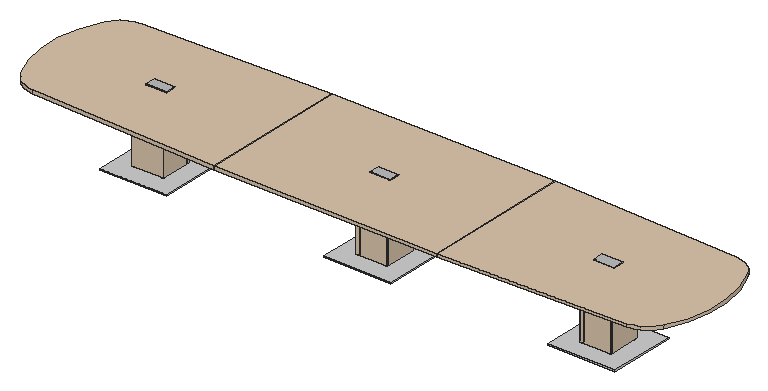
Revit family "Haworth_Planes_ColumnBaseConferenceTable_PebbleThreePiece", category Furniture Systems, Revit 2018 (continued)
Definition of nested family "Haworth_Planes_Worksurface_Pebble_3Piece_PART"
  Definition of nested family "Haworth_Planes_Worksurface_Pebble48_3Pieces_Part"
    Automatic sketch dimensions
      Extrusion 1 sketch curve to Extrusion 1 sketch curve = 64.60506"  (x2)
      Extrusion 1 sketch curve to Extrusion 1 sketch curve = 31.63804"  (x2)
      plane 1 "Center F/B" to Extrusion 1 sketch curve = 23.83768"
      Extrusion 1 sketch curve to Extrusion 1 sketch curve = 14.455"  (x2)
      Extrusion 1 sketch curve to Extrusion 1 sketch curve = 23.83768"  (x4)
      Extrusion 1 sketch curve to Extrusion 1 sketch curve = 18.76535"  (x2)
      Extrusion 1 sketch curve to Extrusion 1 sketch curve = 11.50474"
      Extrusion 1 sketch curve to plane 3 "Center L/R" = 79.15804"
      Extrusion 1 sketch curve to plane 3 "Center L/R" = 32.30253"  (x2)
      plane 1 "Center F/B" to Extrusion 1 sketch curve = 436.10167"
      Extrusion 1 sketch curve to Extrusion 1 sketch curve = 412.26399"
      Extrusion 2 sketch curve to Extrusion 2 sketch curve = 0"  (x10)
      Extrusion 2 sketch curve to Extrusion 2 sketch curve = 31.63778"  (x2)
      Extrusion 2 sketch curve to Extrusion 2 sketch curve = 18.68"  (x2)
      Extrusion 2 sketch curve to Extrusion 2 sketch curve = 63.68"
      Extrusion 2 sketch curve to Extrusion 2 sketch curve = 66.60461"  (x2)
      plane 1 "Center F/B" to Extrusion 2 sketch curve = 475.21822"
      plane 1 "Center F/B" to Extrusion 2 sketch curve = 23.83786"
      Extrusion 2 sketch curve to Extrusion 2 sketch curve = 14.45433"  (x2)
      Extrusion 2 sketch curve to Extrusion 2 sketch curve = 23.83786"  (x4)
      Extrusion 2 sketch curve to Extrusion 2 sketch curve = 18.76705"  (x2)
      Extrusion 2 sketch curve to Extrusion 2 sketch curve = 11.50465"
      Extrusion 2 sketch curve to plane 3 "Center L/R" = 82.15778"
      Extrusion 2 sketch curve to plane 3 "Center L/R" = 33.30231"  (x2)
      Extrusion 2 sketch curve to Extrusion 2 sketch curve = 451.38036"
      Extrusion 3 sketch curve to Extrusion 3 sketch curve = 0"  (x10)
      Extrusion 3 sketch curve to Extrusion 3 sketch curve = 31.63761"  (x2)
      Extrusion 3 sketch curve to Extrusion 3 sketch curve = 65.68"
      Extrusion 3 sketch curve to Extrusion 3 sketch curve = 68.60406"  (x2)
      Extrusion 3 sketch curve to Extrusion 3 sketch curve = 20.68"  (x2)
      plane 1 "Center F/B" to Extrusion 3 sketch curve = 515.93619"
      plane 1 "Center F/B" to Extrusion 3 sketch curve = 23.83802"
      Extrusion 3 sketch curve to Extrusion 3 sketch curve = 14.45391"  (x2)
      Extrusion 3 sketch curve to Extrusion 3 sketch curve = 23.83802"  (x4)
      Extrusion 3 sketch curve to Extrusion 3 sketch curve = 18.76822"  (x2)
      Extrusion 3 sketch curve to Extrusion 3 sketch curve = 11.50459"
      Extrusion 3 sketch curve to plane 3 "Center L/R" = 85.15761"
      Extrusion 3 sketch curve to plane 3 "Center L/R" = 34.30203"  (x2)
      Extrusion 3 sketch curve to Extrusion 3 sketch curve = 492.09816"
      Extrusion 4 sketch curve to Extrusion 4 sketch curve = 0"  (x9)
      Extrusion 4 sketch curve to Extrusion 4 sketch curve = 31.6375"  (x2)
      Extrusion 4 sketch curve to Extrusion 4 sketch curve = 67.68"
      Extrusion 4 sketch curve to Extrusion 4 sketch curve = 70.60342"  (x2)
      Extrusion 4 sketch curve to Extrusion 4 sketch curve = 22.68"  (x2)
      plane 1 "Center F/B" to Extrusion 4 sketch curve = 23.83817"
      Extrusion 4 sketch curve to Extrusion 4 sketch curve = 14.45369"  (x2)
      Extrusion 4 sketch curve to Extrusion 4 sketch curve = 23.83817"  (x4)
      Extrusion 4 sketch curve to Extrusion 4 sketch curve = 18.76896"  (x2)
      Extrusion 4 sketch curve to Extrusion 4 sketch curve = 11.50455"  (x2)
      Extrusion 4 sketch curve to plane 3 "Center L/R" = 88.1575"
      Extrusion 4 sketch curve to plane 3 "Center L/R" = 35.30171"  (x2)
      plane 1 "Center F/B" to Extrusion 4 sketch curve = 558.25556"
      Extrusion 4 sketch curve to Extrusion 4 sketch curve = 534.41739"
      Extrusion 5 sketch curve to Extrusion 5 sketch curve = 0"  (x9)
      Extrusion 5 sketch curve to Extrusion 5 sketch curve = 31.63744"  (x2)
      Extrusion 5 sketch curve to Extrusion 5 sketch curve = 69.68"
      Extrusion 5 sketch curve to Extrusion 5 sketch curve = 72.6027"  (x2)
      Extrusion 5 sketch curve to Extrusion 5 sketch curve = 24.68"  (x2)
      plane 1 "Center F/B" to Extrusion 5 sketch curve = 23.94796"
      Extrusion 5 sketch curve to Extrusion 5 sketch curve = 14.45362"  (x2)
      Extrusion 5 sketch curve to Extrusion 5 sketch curve = 9.38468"  (x2)
      Extrusion 5 sketch curve to Extrusion 5 sketch curve = 18.76935"  (x2)
      Extrusion 5 sketch curve to Extrusion 5 sketch curve = 23.8383"  (x2)
      Extrusion 5 sketch curve to Extrusion 5 sketch curve = 11.50453"  (x2)
      Extrusion 5 sketch curve to plane 3 "Center L/R" = 91.15744"
      Extrusion 5 sketch curve to plane 3 "Center L/R" = 36.30135"  (x2)
      plane 1 "Center F/B" to Extrusion 5 sketch curve = 602.28601"
      Extrusion 5 sketch curve to Extrusion 5 sketch curve = 578.33805"
      Extrusion 6 sketch curve to Extrusion 6 sketch curve = 0"  (x9)
      Extrusion 6 sketch curve to Extrusion 6 sketch curve = 31.63743"  (x2)
      Extrusion 6 sketch curve to Extrusion 6 sketch curve = 26.68"  (x2)
      Extrusion 6 sketch curve to Extrusion 6 sketch curve = 71.68"
      Extrusion 6 sketch curve to Extrusion 6 sketch curve = 74.6019"  (x2)
      plane 1 "Center F/B" to Extrusion 6 sketch curve = 23.83841"
      Extrusion 6 sketch curve to Extrusion 6 sketch curve = 14.45368"  (x2)
      Extrusion 6 sketch curve to Extrusion 6 sketch curve = 9.38473"  (x2)
      Extrusion 6 sketch curve to Extrusion 6 sketch curve = 18.76947"  (x2)
      Extrusion 6 sketch curve to Extrusion 6 sketch curve = 23.83841"  (x2)
      Extrusion 6 sketch curve to Extrusion 6 sketch curve = 11.50452"  (x2)
      Extrusion 6 sketch curve to plane 3 "Center L/R" = 94.15743"
      Extrusion 6 sketch curve to plane 3 "Center L/R" = 37.30095"  (x2)
      plane 1 "Center F/B" to Extrusion 6 sketch curve = 647.69854"
      Extrusion 6 sketch curve to Extrusion 6 sketch curve = 623.86013"
      Extrusion 7 sketch curve to Extrusion 7 sketch curve = 0"  (x9)
      Extrusion 7 sketch curve to Extrusion 7 sketch curve = 31.63744"  (x2)
      Extrusion 7 sketch curve to Extrusion 7 sketch curve = 28.68"  (x2)
      Extrusion 7 sketch curve to Extrusion 7 sketch curve = 73.68"
      Extrusion 7 sketch curve to Extrusion 7 sketch curve = 76.60105"  (x2)
      plane 1 "Center F/B" to Extrusion 7 sketch curve = 23.83852"
      Extrusion 7 sketch curve to Extrusion 7 sketch curve = 14.45384"  (x2)
      Extrusion 7 sketch curve to Extrusion 7 sketch curve = 9.38468"  (x2)
      Extrusion 7 sketch curve to Extrusion 7 sketch curve = 18.76936"  (x2)
      Extrusion 7 sketch curve to Extrusion 7 sketch curve = 23.83852"  (x2)
      Extrusion 7 sketch curve to Extrusion 7 sketch curve = 11.50452"  (x2)
      Extrusion 7 sketch curve to plane 3 "Center L/R" = 97.15744"
      Extrusion 7 sketch curve to plane 3 "Center L/R" = 38.30052"  (x2)
      plane 1 "Center F/B" to Extrusion 7 sketch curve = 694.82215"
      Extrusion 7 sketch curve to Extrusion 7 sketch curve = 670.98363"
      Extrusion 8 sketch curve to Extrusion 8 sketch curve = 0"  (x9)
      Extrusion 8 sketch curve to Extrusion 8 sketch curve = 31.63749"  (x2)
      Extrusion 8 sketch curve to Extrusion 8 sketch curve = 30.68"  (x2)
      Extrusion 8 sketch curve to Extrusion 8 sketch curve = 75.68"
      Extrusion 8 sketch curve to Extrusion 8 sketch curve = 78.60013"  (x2)
      plane 1 "Center F/B" to Extrusion 8 sketch curve = 23.83861"
      Extrusion 8 sketch curve to Extrusion 8 sketch curve = 14.45408"  (x2)
      Extrusion 8 sketch curve to Extrusion 8 sketch curve = 9.38454"  (x2)
      Extrusion 8 sketch curve to Extrusion 8 sketch curve = 18.76907"  (x2)
      Extrusion 8 sketch curve to Extrusion 8 sketch curve = 23.83861"  (x2)
      Extrusion 8 sketch curve to Extrusion 8 sketch curve = 11.50454"  (x2)
      Extrusion 8 sketch curve to plane 3 "Center L/R" = 100.15749"
      Extrusion 8 sketch curve to plane 3 "Center L/R" = 39.30006"  (x2)
      plane 1 "Center F/B" to Extrusion 8 sketch curve = 743.54717"
      Extrusion 8 sketch curve to Extrusion 8 sketch curve = 719.70856"
      Extrusion 9 sketch curve to Extrusion 9 sketch curve = 0"  (x10)
      Extrusion 9 sketch curve to Extrusion 9 sketch curve = 31.63755"  (x2)
      Extrusion 9 sketch curve to Extrusion 9 sketch curve = 32.68"  (x2)
      Extrusion 9 sketch curve to Extrusion 9 sketch curve = 77.68"
      Extrusion 9 sketch curve to Extrusion 9 sketch curve = 80.59916"  (x2)
      plane 1 "Center F/B" to Extrusion 9 sketch curve = 23.8387"
      Extrusion 9 sketch curve to Extrusion 9 sketch curve = 14.45438"  (x2)
      Extrusion 9 sketch curve to Extrusion 9 sketch curve = 9.38432"  (x2)
      Extrusion 9 sketch curve to Extrusion 9 sketch curve = 18.76864"  (x2)
      Extrusion 9 sketch curve to Extrusion 9 sketch curve = 23.8387"  (x2)
      Extrusion 9 sketch curve to Extrusion 9 sketch curve = 11.50456"
      Extrusion 9 sketch curve to plane 3 "Center L/R" = 103.15755"
      Extrusion 9 sketch curve to plane 3 "Center L/R" = 40.29958"  (x2)
      plane 1 "Center F/B" to Extrusion 9 sketch curve = 793.8736"
      Extrusion 9 sketch curve to Extrusion 9 sketch curve = 770.0349"
      Extrusion 10 sketch curve to Extrusion 10 sketch curve = 0"  (x9)
      Extrusion 10 sketch curve to Extrusion 10 sketch curve = 31.63763"  (x2)
      Extrusion 10 sketch curve to Extrusion 10 sketch curve = 79.68"
      Extrusion 10 sketch curve to Extrusion 10 sketch curve = 82.59814"  (x2)
      Extrusion 10 sketch curve to Extrusion 10 sketch curve = 34.68"  (x2)
      plane 1 "Center F/B" to Extrusion 10 sketch curve = 23.83878"
      Extrusion 10 sketch curve to Extrusion 10 sketch curve = 14.45474"  (x2)
      Extrusion 10 sketch curve to Extrusion 10 sketch curve = 9.38404"  (x2)
      Extrusion 10 sketch curve to Extrusion 10 sketch curve = 18.76808"  (x2)
      Extrusion 10 sketch curve to Extrusion 10 sketch curve = 23.83878"  (x2)
      Extrusion 10 sketch curve to Extrusion 10 sketch curve = 11.50459"  (x2)
      Extrusion 10 sketch curve to plane 3 "Center L/R" = 106.02758"
      Extrusion 10 sketch curve to plane 3 "Center L/R" = 41.16901"  (x2)
      plane 1 "Center F/B" to Extrusion 10 sketch curve = 845.80144"
      Extrusion 10 sketch curve to Extrusion 10 sketch curve = 821.96266"
      Extrusion 11 sketch curve to Extrusion 11 sketch curve = 0"  (x10)
      Extrusion 11 sketch curve to Extrusion 11 sketch curve = 31.63773"  (x2)
      Extrusion 11 sketch curve to Extrusion 11 sketch curve = 81.68"
      Extrusion 11 sketch curve to Extrusion 11 sketch curve = 84.59708"  (x2)
      Extrusion 11 sketch curve to Extrusion 11 sketch curve = 36.68"  (x2)
      plane 1 "Center F/B" to Extrusion 11 sketch curve = 23.83885"
      Extrusion 11 sketch curve to Extrusion 11 sketch curve = 14.45513"  (x2)
      Extrusion 11 sketch curve to Extrusion 11 sketch curve = 9.38372"  (x2)
      Extrusion 11 sketch curve to Extrusion 11 sketch curve = 18.76744"  (x2)
      Extrusion 11 sketch curve to Extrusion 11 sketch curve = 23.83885"  (x2)
      Extrusion 11 sketch curve to Extrusion 11 sketch curve = 11.50463"
      Extrusion 11 sketch curve to plane 3 "Center L/R" = 109.15773"
      Extrusion 11 sketch curve to plane 3 "Center L/R" = 42.29854"  (x2)
      plane 1 "Center F/B" to Extrusion 11 sketch curve = 899.33069"
      Extrusion 11 sketch curve to Extrusion 11 sketch curve = 875.49184"
      Extrusion 12 sketch curve to Extrusion 12 sketch curve = 0"  (x9)
      Extrusion 12 sketch curve to Extrusion 12 sketch curve = 31.63783"  (x2)
      Extrusion 12 sketch curve to Extrusion 12 sketch curve = 83.68"
      Extrusion 12 sketch curve to Extrusion 12 sketch curve = 86.59598"  (x2)
      Extrusion 12 sketch curve to Extrusion 12 sketch curve = 38.68"  (x2)
      plane 1 "Center F/B" to Extrusion 12 sketch curve = 23.83891"
      Extrusion 12 sketch curve to Extrusion 12 sketch curve = 14.45556"  (x2)
      Extrusion 12 sketch curve to Extrusion 12 sketch curve = 9.38336"  (x2)
      Extrusion 12 sketch curve to Extrusion 12 sketch curve = 18.76672"  (x2)
      Extrusion 12 sketch curve to Extrusion 12 sketch curve = 23.83891"  (x2)
      Extrusion 12 sketch curve to Extrusion 12 sketch curve = 11.50467"  (x2)
      Extrusion 12 sketch curve to plane 3 "Center L/R" = 112.15783"
      Extrusion 12 sketch curve to plane 3 "Center L/R" = 43.29799"  (x2)
      plane 1 "Center F/B" to Extrusion 12 sketch curve = 954.46135"
      Extrusion 12 sketch curve to Extrusion 12 sketch curve = 930.62244"
      Extrusion 13 sketch curve to Extrusion 13 sketch curve = 0"  (x10)
      Extrusion 13 sketch curve to Extrusion 13 sketch curve = 31.63795"  (x2)
      Extrusion 13 sketch curve to Extrusion 13 sketch curve = 40.68"  (x2)
      Extrusion 13 sketch curve to Extrusion 13 sketch curve = 85.68"
      Extrusion 13 sketch curve to Extrusion 13 sketch curve = 88.59484"  (x2)
      plane 1 "Center F/B" to Extrusion 13 sketch curve = 23.83897"
      Extrusion 13 sketch curve to Extrusion 13 sketch curve = 14.45601"  (x2)
      Extrusion 13 sketch curve to Extrusion 13 sketch curve = 9.38297"  (x2)
      Extrusion 13 sketch curve to Extrusion 13 sketch curve = 18.76594"  (x2)
      Extrusion 13 sketch curve to Extrusion 13 sketch curve = 23.83897"  (x2)
      Extrusion 13 sketch curve to Extrusion 13 sketch curve = 11.50471"
      Extrusion 13 sketch curve to plane 3 "Center L/R" = 115.15795"
      Extrusion 13 sketch curve to plane 3 "Center L/R" = 44.29742"  (x2)
      plane 1 "Center F/B" to Extrusion 13 sketch curve = 1011.19342"
      Extrusion 13 sketch curve to Extrusion 13 sketch curve = 987.35445"
      Extrusion 14 sketch curve to Extrusion 14 sketch curve = 0"  (x9)
      Extrusion 14 sketch curve to Extrusion 14 sketch curve = 31.63807"  (x2)
      Extrusion 14 sketch curve to Extrusion 14 sketch curve = 90.59366"  (x2)
      Extrusion 14 sketch curve to Extrusion 14 sketch curve = 42.68"  (x2)
      plane 1 "Center F/B" to Extrusion 14 sketch curve = 23.83903"
      Extrusion 14 sketch curve to Extrusion 14 sketch curve = 14.45647"  (x2)
      Extrusion 14 sketch curve to Extrusion 14 sketch curve = 9.38256"  (x2)
      Extrusion 14 sketch curve to Extrusion 14 sketch curve = 18.76511"  (x2)
      Extrusion 14 sketch curve to Extrusion 14 sketch curve = 47.67806"  (x2)
      Extrusion 14 sketch curve to Extrusion 14 sketch curve = 11.50475"  (x2)
      Extrusion 14 sketch curve to plane 3 "Center L/R" = 118.15807"
      Extrusion 14 sketch curve to plane 3 "Center L/R" = 45.29683"  (x2)
      Extrusion 14 sketch curve to Extrusion 14 sketch curve = 87.68"
      plane 1 "Center F/B" to Extrusion 14 sketch curve = 1069.52691"
      Extrusion 14 sketch curve to Extrusion 14 sketch curve = 1045.68788"
      Extrusion 15 sketch curve to plane 3 "Center L/R" = 121.1582"
      Extrusion 15 sketch curve to Extrusion 15 sketch curve = 0"  (x11)
      Extrusion 15 sketch curve to Extrusion 15 sketch curve = 31.6382"  (x2)
      Extrusion 15 sketch curve to plane 3 "Center L/R" = 46.29623"  (x2)
      Extrusion 15 sketch curve to Extrusion 15 sketch curve = 44.68"  (x2)
      Extrusion 15 sketch curve to Extrusion 15 sketch curve = 89.68"
      Extrusion 15 sketch curve to Extrusion 15 sketch curve = 92.59246"  (x2)
      plane 1 "Center F/B" to Extrusion 15 sketch curve = 1129.4618"
      plane 1 "Center F/B" to Extrusion 15 sketch curve = 23.83908"
      Extrusion 15 sketch curve to Extrusion 15 sketch curve = 14.45696"  (x2)
      Extrusion 15 sketch curve to Extrusion 15 sketch curve = 9.38213"  (x2)
      Extrusion 15 sketch curve to Extrusion 15 sketch curve = 18.76425"  (x2)
      Extrusion 15 sketch curve to Extrusion 15 sketch curve = 47.67816"  (x2)
      Extrusion 15 sketch curve to Extrusion 15 sketch curve = 1105.62272"
      plane 1 "Center F/B" to Extrusion 16 sketch curve = 23.83768"
      Extrusion 16 sketch curve to plane 3 "Center L/R" = 30.84"
      Extrusion 16 sketch curve to Extrusion 16 sketch curve = 61.68"
      Extrusion 16 sketch curve to Extrusion 16 sketch curve = 47.67535"
      plane 1 "Center F/B" to Extrusion 17 sketch curve = 23.83786"
      Extrusion 17 sketch curve to plane 3 "Center L/R" = 31.84"
      Extrusion 17 sketch curve to Extrusion 17 sketch curve = 63.68"
      Extrusion 17 sketch curve to Extrusion 17 sketch curve = 47.67572"
      Extrusion 18 sketch curve to plane 3 "Center L/R" = 32.84"
      Extrusion 18 sketch curve to Extrusion 18 sketch curve = 65.68"
      plane 1 "Center F/B" to Extrusion 18 sketch curve = 23.83802"
      Extrusion 18 sketch curve to Extrusion 18 sketch curve = 47.67604"
      Extrusion 19 sketch curve to plane 3 "Center L/R" = 33.84"
      Extrusion 19 sketch curve to Extrusion 19 sketch curve = 67.68"
      plane 1 "Center F/B" to Extrusion 19 sketch curve = 23.83817"
      Extrusion 19 sketch curve to Extrusion 19 sketch curve = 47.67633"
      Extrusion 20 sketch curve to plane 3 "Center L/R" = 34.84"
      Extrusion 20 sketch curve to Extrusion 20 sketch curve = 69.68"
      plane 1 "Center F/B" to Extrusion 20 sketch curve = 23.94796"
      Extrusion 20 sketch curve to Extrusion 20 sketch curve = 47.67659"
      Extrusion 21 sketch curve to plane 3 "Center L/R" = 35.84"
      Extrusion 21 sketch curve to Extrusion 21 sketch curve = 71.68"
      plane 1 "Center F/B" to Extrusion 21 sketch curve = 23.83841"
      Extrusion 21 sketch curve to Extrusion 21 sketch curve = 47.67682"
      Extrusion 22 sketch curve to plane 3 "Center L/R" = 36.84"
      Extrusion 22 sketch curve to Extrusion 22 sketch curve = 73.68"
      plane 1 "Center F/B" to Extrusion 22 sketch curve = 23.83852"
      Extrusion 22 sketch curve to Extrusion 22 sketch curve = 47.67703"
      Extrusion 23 sketch curve to plane 3 "Center L/R" = 37.84"
      Extrusion 23 sketch curve to Extrusion 23 sketch curve = 75.68"
      plane 1 "Center F/B" to Extrusion 23 sketch curve = 23.83861"
      Extrusion 23 sketch curve to Extrusion 23 sketch curve = 47.67722"
      Extrusion 24 sketch curve to plane 3 "Center L/R" = 38.84"
      Extrusion 24 sketch curve to Extrusion 24 sketch curve = 77.68"
      plane 1 "Center F/B" to Extrusion 24 sketch curve = 23.8387"
      Extrusion 24 sketch curve to Extrusion 24 sketch curve = 47.6774"
      Extrusion 25 sketch curve to plane 3 "Center L/R" = 39.70994"
      Extrusion 25 sketch curve to Extrusion 25 sketch curve = 79.68"
      plane 1 "Center F/B" to Extrusion 25 sketch curve = 23.83878"
      Extrusion 25 sketch curve to Extrusion 25 sketch curve = 47.67755"
      Extrusion 26 sketch curve to plane 3 "Center L/R" = 41.84"
      Extrusion 26 sketch curve to Extrusion 26 sketch curve = 83.68"
      plane 1 "Center F/B" to Extrusion 26 sketch curve = 23.83891"
      Extrusion 26 sketch curve to Extrusion 26 sketch curve = 47.67783"
      Extrusion 27 sketch curve to plane 3 "Center L/R" = 40.84"
      Extrusion 27 sketch curve to Extrusion 27 sketch curve = 81.68"
      plane 1 "Center F/B" to Extrusion 27 sketch curve = 23.83885"
      Extrusion 27 sketch curve to Extrusion 27 sketch curve = 47.6777"
      Extrusion 28 sketch curve to plane 3 "Center L/R" = 42.84"
      Extrusion 28 sketch curve to Extrusion 28 sketch curve = 85.68"
      plane 1 "Center F/B" to Extrusion 28 sketch curve = 23.83897"
      Extrusion 28 sketch curve to Extrusion 28 sketch curve = 47.67795"
      Extrusion 29 sketch curve to plane 3 "Center L/R" = 43.84"
      Extrusion 29 sketch curve to Extrusion 29 sketch curve = 87.68"
      plane 1 "Center F/B" to Extrusion 29 sketch curve = 23.83903"
      Extrusion 29 sketch curve to Extrusion 29 sketch curve = 47.67806"
      Extrusion 30 sketch curve to plane 3 "Center L/R" = 44.84"
      Extrusion 30 sketch curve to Extrusion 30 sketch curve = 89.68"
      plane 1 "Center F/B" to Extrusion 30 sketch curve = 23.83908"
      Extrusion 30 sketch curve to Extrusion 30 sketch curve = 47.67816"
      Masking region 1 sketch curve to plane 1 "Center F/B" = 9.38473"
      Masking region 1 sketch curve to plane 3 "Center L/R" = 79.15743"
      Masking region 1 sketch curve to Masking region 1 sketch curve = 0"  (x7)
      Masking region 1 sketch curve to Masking region 1 sketch curve = 31.63743"  (x2)
      Masking region 1 sketch curve to Masking region 1 sketch curve = 15.18"  (x3)
      Masking region 1 sketch curve to plane 3 "Center L/R" = 32.30253"  (x2)
      Masking region 1 sketch curve to Masking region 1 sketch curve = 64.60506"  (x2)
      Masking region 1 sketch curve to Masking region 1 sketch curve = 64.68"
      Masking region 1 sketch curve to Masking region 1 sketch curve = 9.38473"  (x2)
      Masking region 1 sketch curve to plane 1 "Center F/B" = 0"
      Masking region 1 sketch curve to Masking region 1 sketch curve = 18.76947"  (x2)
      Masking region 1 sketch curve to Masking region 1 sketch curve = 23.84"  (x2)
      plane 1 "Center F/B" to Masking region 1 sketch curve = 436.10167"
      Masking region 1 sketch curve to Masking region 1 sketch curve = 412.26167"
      Masking region 1 sketch curve to Masking region 1 sketch curve = 1.03519"  (x4)
      Masking region 2 sketch curve to plane 1 "Center F/B" = 9.38473"  (x2)
      Masking region 2 sketch curve to plane 3 "Center L/R" = 82.15743"
      Masking region 2 sketch curve to Masking region 2 sketch curve = 0"  (x7)
      Masking region 2 sketch curve to Masking region 2 sketch curve = 31.63743"  (x2)
      Masking region 2 sketch curve to Masking region 2 sketch curve = 17.18"  (x3)
      Masking region 2 sketch curve to plane 3 "Center L/R" = 33.30231"  (x2)
      Masking region 2 sketch curve to Masking region 2 sketch curve = 66.60461"  (x2)
      Masking region 2 sketch curve to Masking region 2 sketch curve = 66.68"
      Masking region 2 sketch curve to Masking region 2 sketch curve = 9.38473"  (x2)
      Masking region 2 sketch curve to Masking region 2 sketch curve = 18.76947"  (x2)
      Masking region 2 sketch curve to Masking region 2 sketch curve = 23.84"  (x2)
      plane 1 "Center F/B" to Masking region 2 sketch curve = 475.21822"
      Masking region 2 sketch curve to Masking region 2 sketch curve = 451.37822"
      Masking region 2 sketch curve to Masking region 2 sketch curve = 1.03519"  (x4)
      Masking region 3 sketch curve to plane 3 "Center L/R" = 85.15743"
      Masking region 3 sketch curve to Masking region 3 sketch curve = 0"  (x7)
      Masking region 3 sketch curve to Masking region 3 sketch curve = 31.63743"  (x2)
      Masking region 3 sketch curve to Masking region 3 sketch curve = 19.18"  (x3)
      Masking region 3 sketch curve to plane 3 "Center L/R" = 34.30203"  (x2)
      Masking region 3 sketch curve to Masking region 3 sketch curve = 68.60406"  (x2)
      Masking region 3 sketch curve to Masking region 3 sketch curve = 68.68"
      plane 1 "Center F/B" to Masking region 3 sketch curve = 515.93619"
      plane 1 "Center F/B" to Masking region 3 sketch curve = 23.84"
      Masking region 3 sketch curve to Masking region 3 sketch curve = 14.45527"  (x2)
      Masking region 3 sketch curve to Masking region 3 sketch curve = 23.84"  (x3)
      Masking region 3 sketch curve to Masking region 3 sketch curve = 18.76947"  (x2)
      Masking region 3 sketch curve to Masking region 3 sketch curve = 492.09619"
      Masking region 3 sketch curve to Masking region 3 sketch curve = 1.03519"  (x4)
      Masking region 4 sketch curve to plane 3 "Center L/R" = 88.15743"
      Masking region 4 sketch curve to Masking region 4 sketch curve = 0"  (x7)
      Masking region 4 sketch curve to Masking region 4 sketch curve = 31.63743"  (x2)
      Masking region 4 sketch curve to Masking region 4 sketch curve = 21.18"  (x3)
      Masking region 4 sketch curve to plane 3 "Center L/R" = 35.30171"  (x2)
      Masking region 4 sketch curve to Masking region 4 sketch curve = 70.60342"  (x2)
      Masking region 4 sketch curve to Masking region 4 sketch curve = 70.68"
      plane 1 "Center F/B" to Masking region 4 sketch curve = 558.25556"
      plane 1 "Center F/B" to Masking region 4 sketch curve = 23.84"
      Masking region 4 sketch curve to Masking region 4 sketch curve = 14.45527"  (x2)
      Masking region 4 sketch curve to Masking region 4 sketch curve = 23.84"  (x3)
      Masking region 4 sketch curve to Masking region 4 sketch curve = 18.76947"  (x2)
      Masking region 4 sketch curve to Masking region 4 sketch curve = 534.41556"
      Masking region 4 sketch curve to Masking region 4 sketch curve = 1.03519"  (x4)
      Masking region 5 sketch curve to plane 3 "Center L/R" = 91.15743"
      Masking region 5 sketch curve to Masking region 5 sketch curve = 0"  (x7)
      Masking region 5 sketch curve to Masking region 5 sketch curve = 31.63743"  (x2)
      Masking region 5 sketch curve to Masking region 5 sketch curve = 23.18"  (x3)
      Masking region 5 sketch curve to plane 3 "Center L/R" = 36.30135"  (x2)
      Masking region 5 sketch curve to Masking region 5 sketch curve = 72.6027"  (x2)
      Masking region 5 sketch curve to Masking region 5 sketch curve = 72.68"
      plane 1 "Center F/B" to Masking region 5 sketch curve = 602.28601"
      plane 1 "Center F/B" to Masking region 5 sketch curve = 23.94967"
      Masking region 5 sketch curve to Masking region 5 sketch curve = 14.45527"  (x2)
      Masking region 5 sketch curve to Masking region 5 sketch curve = 9.38473"  (x2)
      Masking region 5 sketch curve to Masking region 5 sketch curve = 18.76947"  (x2)
      Masking region 5 sketch curve to Masking region 5 sketch curve = 23.84"
      Masking region 5 sketch curve to Masking region 5 sketch curve = 578.33635"
      Masking region 5 sketch curve to Masking region 5 sketch curve = 1.03519"  (x4)
      Masking region 6 sketch curve to plane 3 "Center L/R" = 94.15743"
      Masking region 6 sketch curve to Masking region 6 sketch curve = 0"  (x11)
      Masking region 6 sketch curve to Masking region 6 sketch curve = 31.63743"  (x2)
      Masking region 6 sketch curve to Masking region 6 sketch curve = 25.18"  (x3)
      Masking region 6 sketch curve to plane 3 "Center L/R" = 37.30095"  (x2)
      Masking region 6 sketch curve to Masking region 6 sketch curve = 74.6019"  (x2)
      Masking region 6 sketch curve to Masking region 6 sketch curve = 74.68"
      plane 1 "Center F/B" to Masking region 6 sketch curve = 647.69854"
      plane 1 "Center F/B" to Masking region 6 sketch curve = 23.84"
      Masking region 6 sketch curve to Masking region 6 sketch curve = 14.45527"  (x2)
      Masking region 6 sketch curve to Masking region 6 sketch curve = 9.38473"  (x2)
      Masking region 6 sketch curve to Masking region 6 sketch curve = 18.76947"  (x2)
      Masking region 6 sketch curve to Masking region 6 sketch curve = 23.84"
      Masking region 6 sketch curve to Masking region 6 sketch curve = 623.85854"
      Masking region 7 sketch curve to plane 3 "Center L/R" = 97.15743"
      Masking region 7 sketch curve to Masking region 7 sketch curve = 0"  (x7)
      Masking region 7 sketch curve to Masking region 7 sketch curve = 31.63743"  (x2)
      Masking region 7 sketch curve to Masking region 7 sketch curve = 27.18"  (x3)
      Masking region 7 sketch curve to plane 3 "Center L/R" = 38.30052"  (x2)
      Masking region 7 sketch curve to Masking region 7 sketch curve = 76.60105"  (x2)
      Masking region 7 sketch curve to Masking region 7 sketch curve = 76.68"
      plane 1 "Center F/B" to Masking region 7 sketch curve = 694.82215"
      plane 1 "Center F/B" to Masking region 7 sketch curve = 23.84"
      Masking region 7 sketch curve to Masking region 7 sketch curve = 14.45527"  (x2)
      Masking region 7 sketch curve to Masking region 7 sketch curve = 9.38473"  (x2)
      Masking region 7 sketch curve to Masking region 7 sketch curve = 18.76947"  (x2)
      Masking region 7 sketch curve to Masking region 7 sketch curve = 23.84"
      Masking region 7 sketch curve to Masking region 7 sketch curve = 670.98215"
      Masking region 7 sketch curve to Masking region 7 sketch curve = 1.03519"  (x4)
      Masking region 8 sketch curve to plane 3 "Center L/R" = 100.15743"
      Masking region 8 sketch curve to Masking region 8 sketch curve = 0"  (x7)
      Masking region 8 sketch curve to Masking region 8 sketch curve = 31.63743"  (x2)
      Masking region 8 sketch curve to Masking region 8 sketch curve = 29.18"  (x3)
      Masking region 8 sketch curve to plane 3 "Center L/R" = 39.30006"  (x2)
      Masking region 8 sketch curve to Masking region 8 sketch curve = 78.60013"  (x2)
      Masking region 8 sketch curve to Masking region 8 sketch curve = 78.68"
      plane 1 "Center F/B" to Masking region 8 sketch curve = 743.54717"
      plane 1 "Center F/B" to Masking region 8 sketch curve = 23.84"
      Masking region 8 sketch curve to Masking region 8 sketch curve = 14.45527"  (x2)
      Masking region 8 sketch curve to Masking region 8 sketch curve = 9.38473"  (x2)
      Masking region 8 sketch curve to Masking region 8 sketch curve = 18.76947"  (x2)
      Masking region 8 sketch curve to Masking region 8 sketch curve = 23.84"
      Masking region 8 sketch curve to Masking region 8 sketch curve = 719.70717"
      Masking region 8 sketch curve to Masking region 8 sketch curve = 1.03519"  (x4)
      Masking region 9 sketch curve to plane 3 "Center L/R" = 103.15743"
      Masking region 9 sketch curve to Masking region 9 sketch curve = 0"  (x7)
      Masking region 9 sketch curve to Masking region 9 sketch curve = 31.63743"  (x2)
      Masking region 9 sketch curve to Masking region 9 sketch curve = 31.18"  (x3)
      Masking region 9 sketch curve to plane 3 "Center L/R" = 40.29958"  (x2)
      Masking region 9 sketch curve to Masking region 9 sketch curve = 80.59916"  (x2)
      Masking region 9 sketch curve to Masking region 9 sketch curve = 80.68"
      plane 1 "Center F/B" to Masking region 9 sketch curve = 793.8736"
      plane 1 "Center F/B" to Masking region 9 sketch curve = 23.84"
      Masking region 9 sketch curve to Masking region 9 sketch curve = 14.45527"  (x2)
      Masking region 9 sketch curve to Masking region 9 sketch curve = 9.38473"  (x2)
      Masking region 9 sketch curve to Masking region 9 sketch curve = 18.76947"  (x2)
      Masking region 9 sketch curve to Masking region 9 sketch curve = 23.84"
      Masking region 9 sketch curve to Masking region 9 sketch curve = 770.0336"
      Masking region 9 sketch curve to Masking region 9 sketch curve = 1.03519"  (x4)
      Masking region 10 sketch curve to plane 3 "Center L/R" = 106.02737"
      Masking region 10 sketch curve to Masking region 10 sketch curve = 0"  (x7)
      Masking region 10 sketch curve to Masking region 10 sketch curve = 31.63743"  (x2)
      Masking region 10 sketch curve to Masking region 10 sketch curve = 33.18"  (x3)
      Masking region 10 sketch curve to plane 3 "Center L/R" = 41.16901"  (x2)
      Masking region 10 sketch curve to Masking region 10 sketch curve = 82.59814"  (x2)
      Masking region 10 sketch curve to Masking region 10 sketch curve = 82.68"
      plane 1 "Center F/B" to Masking region 10 sketch curve = 845.80144"
      plane 1 "Center F/B" to Masking region 10 sketch curve = 23.84"
      Masking region 10 sketch curve to Masking region 10 sketch curve = 14.45527"  (x2)
      Masking region 10 sketch curve to Masking region 10 sketch curve = 9.38473"  (x2)
      Masking region 10 sketch curve to Masking region 10 sketch curve = 18.76947"  (x2)
      Masking region 10 sketch curve to Masking region 10 sketch curve = 23.84"
      Masking region 10 sketch curve to Masking region 10 sketch curve = 821.96144"
      Masking region 10 sketch curve to Masking region 10 sketch curve = 1.03519"  (x4)
      Masking region 11 sketch curve to plane 3 "Center L/R" = 109.15743"
      Masking region 11 sketch curve to Masking region 11 sketch curve = 0"  (x7)
      Masking region 11 sketch curve to Masking region 11 sketch curve = 31.63743"  (x2)
      Masking region 11 sketch curve to Masking region 11 sketch curve = 35.18"  (x3)
      Masking region 11 sketch curve to plane 3 "Center L/R" = 42.29854"  (x2)
      Masking region 11 sketch curve to Masking region 11 sketch curve = 84.59708"  (x2)
      Masking region 11 sketch curve to Masking region 11 sketch curve = 84.68"
      plane 1 "Center F/B" to Masking region 11 sketch curve = 899.33069"
      plane 1 "Center F/B" to Masking region 11 sketch curve = 23.84"
      Masking region 11 sketch curve to Masking region 11 sketch curve = 14.45527"  (x2)
      Masking region 11 sketch curve to Masking region 11 sketch curve = 9.38473"  (x2)
      Masking region 11 sketch curve to Masking region 11 sketch curve = 18.76947"  (x2)
      Masking region 11 sketch curve to Masking region 11 sketch curve = 23.84"
      Masking region 11 sketch curve to Masking region 11 sketch curve = 875.49069"
      Masking region 11 sketch curve to Masking region 11 sketch curve = 1.03519"  (x4)
      Masking region 12 sketch curve to plane 3 "Center L/R" = 112.15743"
      Masking region 12 sketch curve to Masking region 12 sketch curve = 0"  (x7)
      Masking region 12 sketch curve to Masking region 12 sketch curve = 31.63743"  (x2)
      Masking region 12 sketch curve to Masking region 12 sketch curve = 37.18"  (x3)
      Masking region 12 sketch curve to plane 3 "Center L/R" = 43.29799"  (x2)
      Masking region 12 sketch curve to Masking region 12 sketch curve = 86.59598"  (x2)
      Masking region 12 sketch curve to Masking region 12 sketch curve = 86.68"
      plane 1 "Center F/B" to Masking region 12 sketch curve = 954.46135"
      plane 1 "Center F/B" to Masking region 12 sketch curve = 23.84"
      Masking region 12 sketch curve to Masking region 12 sketch curve = 14.45527"  (x2)
      Masking region 12 sketch curve to Masking region 12 sketch curve = 9.38473"  (x2)
      Masking region 12 sketch curve to Masking region 12 sketch curve = 18.76947"  (x2)
      Masking region 12 sketch curve to Masking region 12 sketch curve = 23.84"
      Masking region 12 sketch curve to Masking region 12 sketch curve = 930.62135"
      Masking region 12 sketch curve to Masking region 12 sketch curve = 1.03519"  (x4)
      Masking region 13 sketch curve to plane 3 "Center L/R" = 115.15743"
      Masking region 13 sketch curve to Masking region 13 sketch curve = 0"  (x7)
      Masking region 13 sketch curve to Masking region 13 sketch curve = 31.63743"  (x2)
      Masking region 13 sketch curve to Masking region 13 sketch curve = 39.18"  (x3)
      Masking region 13 sketch curve to plane 3 "Center L/R" = 44.29742"  (x2)
      Masking region 13 sketch curve to Masking region 13 sketch curve = 88.59484"  (x2)
      Masking region 13 sketch curve to Masking region 13 sketch curve = 88.68"
      plane 1 "Center F/B" to Masking region 13 sketch curve = 1011.19342"
      plane 1 "Center F/B" to Masking region 13 sketch curve = 23.84"
      Masking region 13 sketch curve to Masking region 13 sketch curve = 14.45527"  (x2)
      Masking region 13 sketch curve to Masking region 13 sketch curve = 9.38473"  (x2)
      Masking region 13 sketch curve to Masking region 13 sketch curve = 18.76947"  (x2)
      Masking region 13 sketch curve to Masking region 13 sketch curve = 23.84"
      Masking region 13 sketch curve to Masking region 13 sketch curve = 987.35342"
      Masking region 13 sketch curve to Masking region 13 sketch curve = 1.03519"  (x4)
      Masking region 14 sketch curve to plane 3 "Center L/R" = 118.15743"
      Masking region 14 sketch curve to Masking region 14 sketch curve = 0"  (x7)
      Masking region 14 sketch curve to Masking region 14 sketch curve = 31.63743"  (x2)
      Masking region 14 sketch curve to Masking region 14 sketch curve = 41.18"  (x3)
      Masking region 14 sketch curve to plane 3 "Center L/R" = 45.29683"  (x2)
      Masking region 14 sketch curve to Masking region 14 sketch curve = 90.59366"  (x2)
      Masking region 14 sketch curve to Masking region 14 sketch curve = 90.68001"
      plane 1 "Center F/B" to Masking region 14 sketch curve = 1069.52691"
      plane 1 "Center F/B" to Masking region 14 sketch curve = 23.84"
      Masking region 14 sketch curve to Masking region 14 sketch curve = 14.45527"  (x2)
      Masking region 14 sketch curve to Masking region 14 sketch curve = 9.38473"  (x2)
      Masking region 14 sketch curve to Masking region 14 sketch curve = 18.76947"  (x2)
      Masking region 14 sketch curve to Masking region 14 sketch curve = 23.84"
      Masking region 14 sketch curve to Masking region 14 sketch curve = 1045.68691"
      Masking region 14 sketch curve to Masking region 14 sketch curve = 1.03519"  (x4)
      Masking region 15 sketch curve to plane 3 "Center L/R" = 121.15743"
      Masking region 15 sketch curve to Masking region 15 sketch curve = 0"  (x8)
      Masking region 15 sketch curve to Masking region 15 sketch curve = 31.63743"  (x2)
      Masking region 15 sketch curve to Masking region 15 sketch curve = 43.18"  (x2)
      Masking region 15 sketch curve to plane 3 "Center L/R" = 46.29623"  (x2)
      Masking region 15 sketch curve to Masking region 15 sketch curve = 92.59246"  (x2)
      Masking region 15 sketch curve to Masking region 15 sketch curve = 92.68001"
      plane 1 "Center F/B" to Masking region 15 sketch curve = 1129.4618"
      plane 1 "Center F/B" to Masking region 15 sketch curve = 23.84"
      Masking region 15 sketch curve to Masking region 15 sketch curve = 14.45527"  (x2)
      Masking region 15 sketch curve to Masking region 15 sketch curve = 9.38473"  (x2)
      Masking region 15 sketch curve to Masking region 15 sketch curve = 18.76947"  (x2)
      Masking region 15 sketch curve to Masking region 15 sketch curve = 47.68"
      Masking region 15 sketch curve to Masking region 15 sketch curve = 1105.6218"
      Masking region 15 sketch curve to Masking region 15 sketch curve = 1.03519"  (x4)
  Definition of nested family "Haworth_Planes_Worksurface_Pebble42_3Pieces_Part"
    Parameters (values of type "Worksurface")
      Width = 180"
      Warranty = "https://www.haworth.com/resources/product-info/warranties"
      URL - Product = ""
      URL = "www.haworth.com"
      Thickness = 1 3/16"
      Table Finish = none
      Table Edge Finish = none
      Revision Number = ""
      Note = "Verify Final Dim. w/ Haworth"  # constant formula
      Min. Width = 186"  # constant formula
      Min. Depth = 42"  # constant formula
      Max. Width = 270"  # constant formula
      Max. Depth = 42"  # constant formula
      Manufacturer = "Haworth"  # constant formula
      Depth = 42"  # constant formula
      Cutout Width = 8"  # constant formula
      Cutout Dimension = 3"  # constant formula
      Cutout Depth = 4"  # constant formula
      Center Cutout Offset = Actual Width / 6  # 31"
      Author = "Haworth (Alias)"  # constant formula
      Assembly Code = ""
      Actual Width = if(Width < Min. Width, Min. Width, if(Width > Max. Width, Max. Width, Width))  # 186"
      Actual Height = 29"
      Actual Depth = if(Depth > Max. Depth, Max. Depth, if(Depth < Min. Depth, Min. Depth, Depth))  # 42"
      270w = and(267" < Actual Width, Actual Width < 271")  # no
      264w = and(261" < Actual Width, Actual Width < 268")  # no
      258w = and(255" < Actual Width, Actual Width < 262")  # no
      252w = and(249" < Actual Width, Actual Width < 256")  # no
      246w = and(243" < Actual Width, Actual Width < 250")  # no
      240w = and(237" < Actual Width, Actual Width < 244")  # no
      234w = and(231" < Actual Width, Actual Width < 238")  # no
      228w = and(225" < Actual Width, Actual Width < 232")  # no
      222w = and(219" < Actual Width, Actual Width < 226")  # no
      216w = and(213" < Actual Width, Actual Width < 220")  # no
      210w = and(207" < Actual Width, Actual Width < 214")  # no
      204w = and(201" < Actual Width, Actual Width < 208")  # no
      198w = and(195" < Actual Width, Actual Width < 202")  # no
      192w = and(189" < Actual Width, Actual Width < 196")  # no
      186w = and(185" < Actual Width, Actual Width < 190")  # yes
    Reference planes (in)
      plane 1 "Center F/B": y = 15
      plane 2 "Bottom": z = 0
      plane 3 "Center L/R": x = 0
      plane 4 "Table Top": z = 29
      plane 5 "Table Bottom": z = 27.8125
      plane 6 "Cutout Top": z = 30
      plane 7 "Cutout Bottom": z = 27
      plane 8 "KnifeEdge Middle": z = 28.625
    Forms (in)
      Extrusion 1, solid, material <- "Table Finish", visible <- "186w"
        sketch origin (15.39359, -64.27046, 0) x (1, 0, 0) y (0, 1, 0)
          loop
            arc (-107.06412, 87.97277) -> (-107.91359, 79.27046) -> (-107.06412, 70.56814) r 45
            arc (-107.06412, 70.56814) -> (-103.37967, 64.02492) -> (-96.52763, 60.95269) r 12
            arc (-96.52763, 60.95269) -> (-71.41414, 59.02303) -> (-46.23359, 58.43046) r 473.87927
            line (-46.23359, 58.43046) -> (-46.23359, 100.11046)
            arc (-46.23359, 100.11046) -> (-71.41414, 99.51788) -> (-96.52763, 97.58823) r 473.87927
            arc (-96.52763, 97.58823) -> (-103.37967, 94.516) -> (-107.06412, 87.97277) r 12
          loop
            arc (76.27695, 87.97277) -> (72.5925, 94.516) -> (65.74046, 97.58823) r 12
            arc (65.74046, 97.58823) -> (40.62696, 99.51788) -> (15.44641, 100.11046) r 473.87927
            line (15.44641, 100.11046) -> (15.44641, 58.43046)
            arc (15.44641, 58.43046) -> (40.62696, 59.02303) -> (65.74046, 60.95269) r 473.87927
            arc (65.74046, 60.95269) -> (72.5925, 64.02492) -> (76.27695, 70.56814) r 12
            arc (76.27695, 70.56814) -> (77.12641, 79.27046) -> (76.27695, 87.97277) r 45
        from 27.8125 to 29
      Extrusion 2, solid, material <- "Table Finish", visible <- "192w"
        sketch origin (15.73634, -111.73058, 0) x (1, 0, 0) y (0, 1, 0)
          loop
            line (-47.57634, 105.89058) -> (-47.57634, 147.57058)
            arc (-47.57634, 147.57058) -> (-73.73026, 146.97783) -> (-99.82008, 145.05424) r 513.65076
            arc (-99.82008, 145.05424) -> (-106.70352, 141.99399) -> (-110.40666, 135.43399) r 12
            arc (-110.40666, 135.43399) -> (-111.25634, 126.73058) -> (-110.40666, 118.02718) r 45
            arc (-110.40666, 118.02718) -> (-106.70352, 111.46717) -> (-99.82008, 108.40692) r 12
            arc (-99.82008, 108.40692) -> (-73.73026, 106.48333) -> (-47.57634, 105.89058) r 513.65076
          loop
            arc (16.10366, 105.89058) -> (42.25757, 106.48333) -> (68.34739, 108.40692) r 513.65076
            arc (68.34739, 108.40692) -> (75.23083, 111.46717) -> (78.93398, 118.02718) r 12
            arc (78.93398, 118.02718) -> (79.78366, 126.73058) -> (78.93398, 135.43399) r 45
            arc (78.93398, 135.43399) -> (75.23083, 141.99399) -> (68.34739, 145.05424) r 12
            arc (68.34739, 145.05424) -> (42.25757, 146.97783) -> (16.10366, 147.57058) r 513.65076
            line (16.10366, 147.57058) -> (16.10366, 105.89058)
        from 27.8125 to 29
      Extrusion 3, solid, material <- "Table Finish", visible <- "198w"
        sketch origin (16.60875, -157.5066, 0) x (1, 0, 0) y (0, 1, 0)
          loop
            line (-49.44875, 151.6666) -> (-49.44875, 193.3466)
            arc (-49.44875, 193.3466) -> (-76.57826, 192.75376) -> (-103.64635, 190.83529) r 554.88541
            arc (-103.64635, 190.83529) -> (-110.55862, 187.78616) -> (-114.27892, 181.21075) r 12
            arc (-114.27892, 181.21075) -> (-115.12875, 172.5066) -> (-114.27892, 163.80245) r 45
            arc (-114.27892, 163.80245) -> (-110.55862, 157.22704) -> (-103.64635, 154.17791) r 12
            arc (-103.64635, 154.17791) -> (-76.57826, 152.25944) -> (-49.44875, 151.6666) r 554.88541
          loop
            arc (16.23125, 151.6666) -> (43.36077, 152.25944) -> (70.42886, 154.17791) r 554.88541
            arc (70.42886, 154.17791) -> (77.34113, 157.22704) -> (81.06143, 163.80245) r 12
            arc (81.06143, 163.80245) -> (81.91125, 172.5066) -> (81.06143, 181.21075) r 45
            arc (81.06143, 181.21075) -> (77.34113, 187.78616) -> (70.42886, 190.83529) r 12
            arc (70.42886, 190.83529) -> (43.36077, 192.75376) -> (16.23125, 193.3466) r 554.88541
            line (16.23125, 193.3466) -> (16.23125, 151.6666)
        from 27.8125 to 29
      Extrusion 4, solid, material <- "Table Finish", visible <- "204w"
        sketch origin (16.60875, -201.97473, 0) x (1, 0, 0) y (0, 1, 0)
          loop
            line (-50.44875, 196.13473) -> (-50.44875, 237.81473)
            arc (-50.44875, 237.81473) -> (-78.55565, 237.22154) -> (-106.60359, 235.30777) r 597.89526
            arc (-106.60359, 235.30777) -> (-113.54259, 232.26905) -> (-117.27882, 225.67936) r 12
            arc (-117.27882, 225.67936) -> (-118.12875, 216.97473) -> (-117.27882, 208.27011) r 45
            arc (-117.27882, 208.27011) -> (-113.54259, 201.68041) -> (-106.60359, 198.64169) r 12
            arc (-106.60359, 198.64169) -> (-78.55565, 196.72793) -> (-50.44875, 196.13473) r 597.89526
          loop
            arc (17.23125, 196.13473) -> (45.33816, 196.72793) -> (73.3861, 198.64169) r 597.89526
            arc (73.3861, 198.64169) -> (80.3251, 201.68041) -> (84.06133, 208.27011) r 12
            arc (84.06133, 208.27011) -> (84.91125, 216.97473) -> (84.06133, 225.67936) r 45
            arc (84.06133, 225.67936) -> (80.3251, 232.26905) -> (73.3861, 235.30777) r 12
            arc (73.3861, 235.30777) -> (45.33816, 237.22154) -> (17.23125, 237.81473) r 597.89526
            line (17.23125, 237.81473) -> (17.23125, 196.13473)
        from 27.8125 to 29
      Extrusion 5, solid, material <- "Table Finish", visible <- "210w"
        sketch origin (17.04495, -246.44286, 0) x (1, 0, 0) y (0, 1, 0)
          loop
            line (-51.88495, 240.60286) -> (-51.88495, 282.28286)
            arc (-51.88495, 282.28286) -> (-80.97106, 281.68958) -> (-110.00047, 279.77964) r 642.20942
            arc (-110.00047, 279.77964) -> (-116.96407, 276.75059) -> (-120.71498, 270.14774) r 12
            arc (-120.71498, 270.14774) -> (-121.56495, 261.44286) -> (-120.71498, 252.73799) r 45
            arc (-120.71498, 252.73799) -> (-116.96407, 246.13513) -> (-110.00047, 243.10609) r 12
            arc (-110.00047, 243.10609) -> (-80.97106, 241.19615) -> (-51.88495, 240.60286) r 642.20942
          loop
            arc (17.79505, 240.60286) -> (46.88117, 241.19615) -> (75.91057, 243.10609) r 642.20942
            arc (75.91057, 243.10609) -> (82.87418, 246.13513) -> (86.62508, 252.73799) r 12
            arc (86.62508, 252.73799) -> (87.47505, 261.44286) -> (86.62508, 270.14774) r 45
            arc (86.62508, 270.14774) -> (82.87418, 276.75059) -> (75.91057, 279.77964) r 12
            arc (75.91057, 279.77964) -> (46.88117, 281.68958) -> (17.79505, 282.28286) r 642.20942
            line (17.79505, 282.28286) -> (17.79505, 240.60286)
        from 27.8125 to 29
      Extrusion 6, solid, material <- "Table Finish", visible <- "216w"
        sketch origin (17.48115, -290.47503, 0) x (1, 0, 0) y (0, 1, 0)
          loop
            line (-53.32115, 284.63503) -> (-53.32115, 326.31503)
            arc (-53.32115, 326.31503) -> (-83.38786, 325.72139) -> (-113.39994, 323.81505) r 688.34315
            arc (-113.39994, 323.81505) -> (-120.38655, 320.79513) -> (-124.15117, 314.17999) r 12
            arc (-124.15117, 314.17999) -> (-125.00115, 305.47503) -> (-124.15117, 296.77008) r 45
            arc (-124.15117, 296.77008) -> (-120.38655, 290.15493) -> (-113.39994, 287.13501) r 12
            arc (-113.39994, 287.13501) -> (-83.38786, 285.22868) -> (-53.32115, 284.63503) r 688.34315
          loop
            arc (18.35885, 284.63503) -> (48.42555, 285.22868) -> (78.43764, 287.13501) r 688.34315
            arc (78.43764, 287.13501) -> (85.42424, 290.15493) -> (89.18886, 296.77008) r 12
            arc (89.18886, 296.77008) -> (90.03885, 305.47503) -> (89.18886, 314.17999) r 45
            arc (89.18886, 314.17999) -> (85.42424, 320.79513) -> (78.43764, 323.81505) r 12
            arc (78.43764, 323.81505) -> (48.42555, 325.72139) -> (18.35885, 326.31503) r 688.34315
            line (18.35885, 326.31503) -> (18.35885, 284.63503)
        from 27.8125 to 29
      Extrusion 7, solid, material <- "Table Finish", visible <- "222w"
        sketch origin (17.48115, -334.07124, 0) x (1, 0, 0) y (0, 1, 0)
          loop
            arc (-127.15118, 357.77612) -> (-128.00115, 349.07124) -> (-127.15118, 340.36635) r 45
            arc (-127.15118, 340.36635) -> (-123.37382, 333.73979) -> (-116.36587, 330.7284) r 12
            arc (-116.36587, 330.7284) -> (-85.36986, 328.82511) -> (-54.32115, 328.23124) r 735.89145
            line (-54.32115, 328.23124) -> (-54.32115, 369.91124)
            arc (-54.32115, 369.91124) -> (-85.36986, 369.31737) -> (-116.36587, 367.41408) r 735.89145
            arc (-116.36587, 367.41408) -> (-123.37382, 364.40269) -> (-127.15118, 357.77612) r 12
          loop
            arc (92.18888, 357.77612) -> (88.41151, 364.40269) -> (81.40356, 367.41408) r 12
            arc (81.40356, 367.41408) -> (50.40756, 369.31737) -> (19.35885, 369.91124) r 735.89145
            line (19.35885, 369.91124) -> (19.35885, 328.23124)
            arc (19.35885, 328.23124) -> (50.40756, 328.82511) -> (81.40356, 330.7284) r 735.89145
            arc (81.40356, 330.7284) -> (88.41151, 333.73979) -> (92.18888, 340.36635) r 12
            arc (92.18888, 340.36635) -> (93.03885, 349.07124) -> (92.18888, 357.77612) r 45
        from 27.8125 to 29
      Extrusion 8, solid, material <- "Table Finish", visible <- "228w"
        sketch origin (17.64649, -377.45182, 0) x (1, 0, 0) y (0, 1, 0)
          loop
            line (-55.48649, 371.61182) -> (-55.48649, 413.29182)
            arc (-55.48649, 413.29182) -> (-87.51835, 412.69759) -> (-119.49929, 410.79712) r 785.16071
            arc (-119.49929, 410.79712) -> (-126.52725, 407.79378) -> (-130.31656, 401.15652) r 12
            arc (-130.31656, 401.15652) -> (-131.16649, 392.45182) -> (-130.31656, 383.74712) r 45
            arc (-130.31656, 383.74712) -> (-126.52725, 377.10985) -> (-119.49929, 374.10652) r 12
            arc (-119.49929, 374.10652) -> (-87.51835, 372.20604) -> (-55.48649, 371.61182) r 785.16071
          loop
            arc (20.19351, 371.61182) -> (52.22536, 372.20604) -> (84.20631, 374.10652) r 785.16071
            arc (84.20631, 374.10652) -> (91.23426, 377.10985) -> (95.02357, 383.74712) r 12
            arc (95.02357, 383.74712) -> (95.87351, 392.45182) -> (95.02357, 401.15652) r 45
            arc (95.02357, 401.15652) -> (91.23426, 407.79378) -> (84.20631, 410.79712) r 12
            arc (84.20631, 410.79712) -> (52.22536, 412.69759) -> (20.19351, 413.29182) r 785.16071
            line (20.19351, 413.29182) -> (20.19351, 371.61182)
        from 27.8125 to 29
      Extrusion 9, solid, material <- "Table Finish", visible <- "234w"
        sketch origin (18.19364, -421.47222, 0) x (1, 0, 0) y (0, 1, 0)
          loop
            line (-57.03364, 415.63222) -> (-57.03364, 457.31222)
            arc (-57.03364, 457.31222) -> (-90.04971, 456.71759) -> (-123.01655, 454.81967) r 836.0676
            arc (-123.01655, 454.81967) -> (-130.06325, 451.82394) -> (-133.86376, 445.17664) r 12
            arc (-133.86376, 445.17664) -> (-134.71364, 436.47222) -> (-133.86376, 427.7678) r 45
            arc (-133.86376, 427.7678) -> (-130.06325, 421.1205) -> (-123.01655, 418.12477) r 12
            arc (-123.01655, 418.12477) -> (-90.04971, 416.22685) -> (-57.03364, 415.63222) r 836.0676
          loop
            arc (20.64636, 415.63222) -> (53.66243, 416.22685) -> (86.62927, 418.12477) r 836.0676
            arc (86.62927, 418.12477) -> (93.67597, 421.1205) -> (97.47648, 427.7678) r 12
            arc (97.47648, 427.7678) -> (98.32636, 436.47222) -> (97.47648, 445.17664) r 45
            arc (97.47648, 445.17664) -> (93.67597, 451.82394) -> (86.62927, 454.81967) r 12
            arc (86.62927, 454.81967) -> (53.66243, 456.71759) -> (20.64636, 457.31222) r 836.0676
            line (20.64636, 457.31222) -> (20.64636, 415.63222)
        from 27.8125 to 29
      Extrusion 10, solid, material <- "Table Finish", visible <- "240w"
        sketch origin (17.20454, -467.44003, 0) x (1, 0, 0) y (0, 1, 0)
          loop
            arc (-135.87473, 491.1441) -> (-136.72454, 482.44003) -> (-135.87473, 473.73596) r 45
            arc (-135.87473, 473.73596) -> (-132.06379, 467.07932) -> (-124.99963, 464.09071) r 12
            arc (-124.99963, 464.09071) -> (-91.04593, 462.19476) -> (-57.04454, 461.60003) r 888.14604
            line (-57.04454, 461.60003) -> (-57.04454, 503.28003)
            arc (-57.04454, 503.28003) -> (-91.04593, 502.6853) -> (-124.99963, 500.78934) r 888.14604
            arc (-124.99963, 500.78934) -> (-132.06379, 497.80074) -> (-135.87473, 491.1441) r 12
          loop
            arc (101.46565, 491.1441) -> (97.65471, 497.80074) -> (90.59055, 500.78934) r 12
            arc (90.59055, 500.78934) -> (56.63685, 502.6853) -> (22.63546, 503.28003) r 888.14604
            line (22.63546, 503.28003) -> (22.63546, 461.60003)
            arc (22.63546, 461.60003) -> (56.63685, 462.19476) -> (90.59055, 464.09071) r 888.14604
            arc (90.59055, 464.09071) -> (97.65471, 467.07932) -> (101.46565, 473.73596) r 12
            arc (101.46565, 473.73596) -> (102.31546, 482.44003) -> (101.46565, 491.1441) r 45
        from 27.8125 to 29
      Extrusion 11, solid, material <- "Table Finish", visible <- "246w"
        sketch origin (17.20454, -512.92819, 0) x (1, 0, 0) y (0, 1, 0)
          loop
            line (-58.04454, 507.08819) -> (-58.04454, 548.76819)
            arc (-58.04454, 548.76819) -> (-93.03198, 548.17295) -> (-127.97321, 546.27916) r 942.35922
            arc (-127.97321, 546.27916) -> (-135.05395, 543.29736) -> (-138.87481, 536.63184) r 12
            arc (-138.87481, 536.63184) -> (-139.72454, 527.92819) -> (-138.87481, 519.22454) r 45
            arc (-138.87481, 519.22454) -> (-135.05395, 512.55902) -> (-127.97321, 509.57722) r 12
            arc (-127.97321, 509.57722) -> (-93.03198, 507.68343) -> (-58.04454, 507.08819) r 942.35922
          loop
            arc (23.63546, 507.08819) -> (58.6229, 507.68343) -> (93.56412, 509.57722) r 942.35922
            arc (93.56412, 509.57722) -> (100.64487, 512.55902) -> (104.46573, 519.22454) r 12
            arc (104.46573, 519.22454) -> (105.31546, 527.92819) -> (104.46573, 536.63184) r 45
            arc (104.46573, 536.63184) -> (100.64487, 543.29736) -> (93.56412, 546.27916) r 12
            arc (93.56412, 546.27916) -> (58.6229, 548.17295) -> (23.63546, 548.76819) r 942.35922
            line (23.63546, 548.76819) -> (23.63546, 507.08819)
        from 27.8125 to 29
      Extrusion 12, solid, material <- "Table Finish", visible <- "252w"
        sketch origin (17.90468, -559.1122, 0) x (1, 0, 0) y (0, 1, 0)
          loop
            line (-59.74468, 553.2722) -> (-59.74468, 594.9522)
            arc (-59.74468, 594.9522) -> (-95.71905, 594.35661) -> (-131.64856, 592.46461) r 997.94026
            arc (-131.64856, 592.46461) -> (-138.74487, 589.48924) -> (-142.57504, 582.81539) r 12
            arc (-142.57504, 582.81539) -> (-143.42468, 574.1122) -> (-142.57504, 565.40901) r 45
            arc (-142.57504, 565.40901) -> (-138.74487, 558.73516) -> (-131.64856, 555.75979) r 12
            arc (-131.64856, 555.75979) -> (-95.71905, 553.86779) -> (-59.74468, 553.2722) r 997.94026
          loop
            arc (23.93532, 553.2722) -> (59.90969, 553.86779) -> (95.8392, 555.75979) r 997.94026
            arc (95.8392, 555.75979) -> (102.93551, 558.73516) -> (106.76568, 565.40901) r 12
            arc (106.76568, 565.40901) -> (107.61532, 574.1122) -> (106.76568, 582.81539) r 45
            arc (106.76568, 582.81539) -> (102.93551, 589.48924) -> (95.8392, 592.46461) r 12
            arc (95.8392, 592.46461) -> (59.90969, 594.35661) -> (23.93532, 594.9522) r 997.94026
            line (23.93532, 594.9522) -> (23.93532, 553.2722)
        from 27.8125 to 29
      Extrusion 13, solid, material <- "Table Finish", visible <- "258w"
        sketch origin (17.20091, -603.31711, 0) x (1, 0, 0) y (0, 1, 0)
          loop
            arc (-144.87137, 627.01979) -> (-145.72091, 618.31711) -> (-144.87137, 609.61443) r 45
            arc (-144.87137, 609.61443) -> (-141.03237, 602.93268) -> (-133.9213, 599.96342) r 12
            arc (-133.9213, 599.96342) -> (-97.00288, 598.0732) -> (-60.04091, 597.47711) r 1055.35838
            line (-60.04091, 597.47711) -> (-60.04091, 639.15711)
            arc (-60.04091, 639.15711) -> (-97.00288, 638.56101) -> (-133.9213, 636.67079) r 1055.35838
            arc (-133.9213, 636.67079) -> (-141.03237, 633.70154) -> (-144.87137, 627.01979) r 12
          loop
            arc (110.46956, 627.01979) -> (106.63056, 633.70154) -> (99.51949, 636.67079) r 12
            arc (99.51949, 636.67079) -> (62.60107, 638.56101) -> (25.63909, 639.15711) r 1055.35838
            line (25.63909, 639.15711) -> (25.63909, 597.47711)
            arc (25.63909, 597.47711) -> (62.60107, 598.0732) -> (99.51949, 599.96342) r 1055.35838
            arc (99.51949, 599.96342) -> (106.63056, 602.93268) -> (110.46956, 609.61443) r 12
            arc (110.46956, 609.61443) -> (111.31909, 618.31711) -> (110.46956, 627.01979) r 45
        from 27.8125 to 29
      Extrusion 14, solid, material <- "Table Finish", visible <- "264w"
        sketch origin (17.90114, -649.50644, 0) x (1, 0, 0) y (0, 1, 0)
          loop
            line (-61.74114, 643.66644) -> (-61.74114, 685.34644)
            arc (-61.74114, 685.34644) -> (-99.69146, 684.75) -> (-137.59944, 682.86123) r 1114.12477
            arc (-137.59944, 682.86123) -> (-144.72439, 679.89777) -> (-148.57171, 673.20858) r 12
            arc (-148.57171, 673.20858) -> (-149.42114, 664.50644) -> (-148.57171, 655.80429) r 45
            arc (-148.57171, 655.80429) -> (-144.72439, 649.1151) -> (-137.59944, 646.15164) r 12
            arc (-137.59944, 646.15164) -> (-99.69146, 644.26288) -> (-61.74114, 643.66644) r 1114.12477
          loop
            arc (25.93886, 643.66644) -> (63.88918, 644.26288) -> (101.79717, 646.15164) r 1114.12477
            arc (101.79717, 646.15164) -> (108.92212, 649.1151) -> (112.76943, 655.80429) r 12
            arc (112.76943, 655.80429) -> (113.61886, 664.50644) -> (112.76943, 673.20858) r 45
            arc (112.76943, 673.20858) -> (108.92212, 679.89777) -> (101.79717, 682.86123) r 12
            arc (101.79717, 682.86123) -> (63.88918, 684.75) -> (25.93886, 685.34644) r 1114.12477
            line (25.93886, 685.34644) -> (25.93886, 643.66644)
        from 27.8125 to 29
      Extrusion 15, solid, material <- "Table Finish", visible <- "270w"
        sketch origin (17.19219, -698.6424, 0) x (1, 0, 0) y (0, 1, 0)
          loop
            arc (-150.86287, 722.34398) -> (-151.71219, 713.6424) -> (-150.86287, 704.94082) r 45
            arc (-150.86287, 704.94082) -> (-147.00765, 698.24455) -> (-139.86948, 695.28662) r 12
            arc (-139.86948, 695.28662) -> (-100.97143, 693.39936) -> (-62.03219, 692.8024) r 1174.79849
            line (-62.03219, 692.8024) -> (-62.03219, 734.4824)
            arc (-62.03219, 734.4824) -> (-100.97143, 733.88544) -> (-139.86948, 731.99818) r 1174.79849
            arc (-139.86948, 731.99818) -> (-147.00765, 729.04025) -> (-150.86287, 722.34398) r 12
          loop
            arc (116.47848, 722.34398) -> (112.62326, 729.04025) -> (105.48509, 731.99818) r 12
            arc (105.48509, 731.99818) -> (66.58704, 733.88544) -> (27.64781, 734.4824) r 1174.79849
            line (27.64781, 734.4824) -> (27.64781, 692.8024)
            arc (27.64781, 692.8024) -> (66.58704, 693.39936) -> (105.48509, 695.28662) r 1174.79849
            arc (105.48509, 695.28662) -> (112.62326, 698.24455) -> (116.47848, 704.94082) r 12
            arc (116.47848, 704.94082) -> (117.32781, 713.6424) -> (116.47848, 722.34398) r 45
        from 27.8125 to 29
      Extrusion 16, solid, material <- "Table Finish", visible <- "186w"
        sketch origin (15.39359, -64.27046, 0) x (1, 0, 0) y (0, 1, 0)
          loop
            line (-46.23359, 100.11046) -> (-46.23359, 58.43046) -> (15.44641, 58.43046) -> (15.44641, 100.11046) -> (-46.23359, 100.11046)
        from 27.8125 to 29
      Extrusion 17, solid, material <- "Table Finish", visible <- "192w"
        sketch origin (15.73634, -111.73058, 0) x (1, 0, 0) y (0, 1, 0)
          loop
            line (-47.57634, 147.57058) -> (-47.57634, 105.89058) -> (16.10366, 105.89058) -> (16.10366, 147.57058) -> (-47.57634, 147.57058)
        from 27.8125 to 29
      Extrusion 18, solid, material <- "Table Finish", visible <- "198w"
        sketch origin (16.60875, -157.5066, 0) x (1, 0, 0) y (0, 1, 0)
          loop
            line (-49.44875, 193.3466) -> (-49.44875, 151.6666) -> (16.23125, 151.6666) -> (16.23125, 193.3466) -> (-49.44875, 193.3466)
        from 27.8125 to 29
      Extrusion 19, solid, material <- "Table Finish", visible <- "204w"
        sketch origin (16.60875, -201.97473, 0) x (1, 0, 0) y (0, 1, 0)
          loop
            line (-50.44875, 237.81473) -> (-50.44875, 196.13473) -> (17.23125, 196.13473) -> (17.23125, 237.81473) -> (-50.44875, 237.81473)
        from 27.8125 to 29
      Extrusion 20, solid, material <- "Table Finish", visible <- "210w"
        sketch origin (17.04495, -246.44286, 0) x (1, 0, 0) y (0, 1, 0)
          loop
            line (-51.88495, 282.28286) -> (-51.88495, 240.60286) -> (17.79505, 240.60286) -> (17.79505, 282.28286) -> (-51.88495, 282.28286)
        from 27.8125 to 29
      Extrusion 21, solid, material <- "Table Finish", visible <- "216w"
        sketch origin (17.48115, -290.47503, 0) x (1, 0, 0) y (0, 1, 0)
          loop
            line (-53.32115, 326.31503) -> (-53.32115, 284.63503) -> (18.35885, 284.63503) -> (18.35885, 326.31503) -> (-53.32115, 326.31503)
        from 27.8125 to 29
      Extrusion 22, solid, material <- "Table Finish", visible <- "222w"
        sketch origin (17.48115, -334.07124, 0) x (1, 0, 0) y (0, 1, 0)
          loop
            line (-54.32115, 328.23124) -> (19.35885, 328.23124) -> (19.35885, 369.91124) -> (-54.32115, 369.91124) -> (-54.32115, 328.23124)
        from 27.8125 to 29
